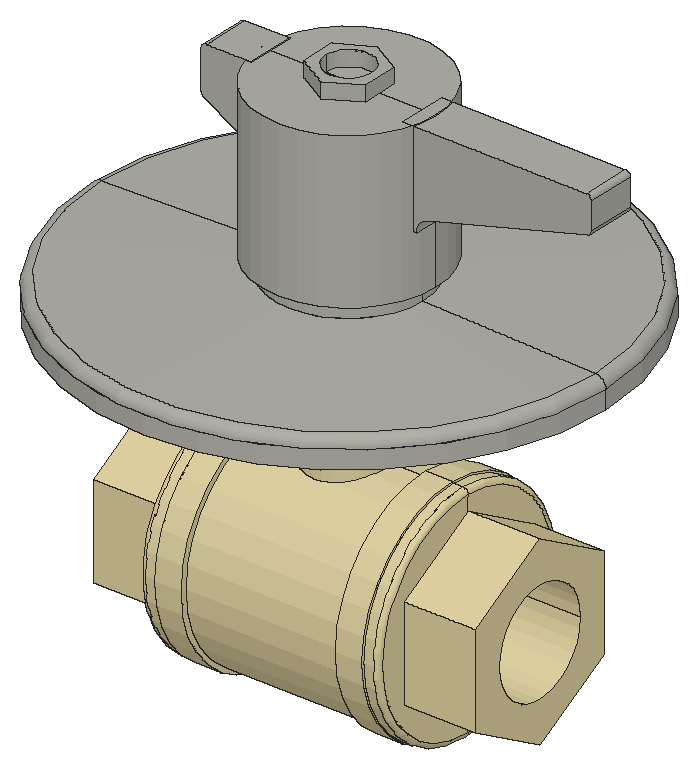
Revit family "QD20500000", category Apparecchi idraulici, Revit 2020
Family settings
  Quota connettore circolare = Usa diametro
  Tipo di parte = Normale
  Numero OmniClass = 23.45.00.00
  Titolo OmniClass = Sanitary, Laundry, and Cleaning Equipment
  Basato su piano di lavoro = No
  Sempre verticale = Sì
  Taglio con vuoti quando caricato = No
  Condiviso = No
  Punto di calcolo locali = No
Parameters
  URL = "https://web.cimberio.it/index.php/figura/264?subcategoria_id=43151"
  Temperatura di esercizio = "-20 ÷ 90°C"
  Prospetto di default = 0 mm
  Produttore = "CIMBERIO SPA"
  Pressione nominale = "PN 25"
  Modello = "Cim 27"
  Materiale = "Prodotto in lega di ottone conforme alla norma EN 12165-CW617N-DW"
  Descrizione = "Utilizzato nei più svariati settori dell'impiantistica: impianti di riscaldamento, condizionamento, idrici, igienico-sanitari, aria compressa e in generale con ogni fluido non corrosivo"
  DN Model [instance] = QD20501020 : QD20501020
  DN [instance] = 20 mm
  Commenti sul tipo = "Realizzato in ottemperanza ai requisiti gestionali della norma EN ISO 9001.\r\nCollaudato al 100% secondo la normativa EN 12266-1"
Reference planes
  plane 1 "Centro (Fronte/Retro)": y = 0
  plane 2: z = 0
  plane 3 "Centro (Sinistra/Destra)": x = 0
Dimensions and locks
  aligned and locked: level to plane 2
Nested families
  nested 1: "QD20501020" at (0, 0, 0), type <- "DN Model", type "QD20501020"
  nested 2: "QD20501020" at (0, 0, 0), type <- "DN Model", type "QD20501020"
  nested 3: "QD20501020" at (0, 0, 0), type <- "DN Model", type "QD20501020"
  nested 4: "QD20501020" at (0, 0, 0), type <- "DN Model", type "QD20501020"
  nested 5: "QD20501020" at (0, 0, 0), type <- "DN Model", type "QD20501020"
  nested 6: "QD20501020" at (0, 0, 0), type <- "DN Model", type "QD20501020"
  nested 7: "QD20501020" at (0, 0, 0), type <- "DN Model", type "QD20501020"
  nested 8: "QD20501020" at (0, 0, 0), type <- "DN Model", type "QD20501020"
  nested 9: "QD20501020" at (0, 0, 0), type <- "DN Model", type "QD20501020"
  nested 10: "QD20501020" at (0, 0, 0), type <- "DN Model", type "QD20501020"
  nested 11: "QD20501020" at (0, 0, 0), type <- "DN Model", type "QD20501020"
  nested 12: "QD20501020" at (0, 0, 0), type <- "DN Model", type "QD20501020"
Connectors
  piping at (-37.2, 0, 0), diameter 20, driven by "DN"
    settings: on nested 1, index 2, connector inside diameter 609.6 mm, connector length 0 mm, flow factor 0, pipe flow 0.0 L/s, pressure drop 0.0 Pa, fitting loss kfactor 0, connector angle 0.00°, fixture units 0, engagement length 0 mm, angle of deflection 0.00°, flow configuration 0, flow direction 0, fitting loss method 0, system type 7, joint type 0, gender type 0, connector reference index -1, connector utility 0, adjustable connector no, is connector primary yes, connector description ""
  piping at (37.2, 0, 0), diameter 20, driven by "DN"
    settings: on nested 1, index 3, connector inside diameter 609.6 mm, connector length 0 mm, flow factor 0, pipe flow 0.0 L/s, pressure drop 0.0 Pa, fitting loss kfactor 0, connector angle 0.00°, fixture units 0, engagement length 0 mm, angle of deflection 0.00°, flow configuration 0, flow direction 0, fitting loss method 0, system type 7, joint type 0, gender type 0, connector reference index -1, connector utility 0, adjustable connector no, is connector primary no, connector description ""
Definition of nested family "QD20501020"
  Parameters (values of type "QD20501020")
    Default Elevation = 0 mm
  Reference planes
    plane 1 "Centro (Fronte/Retro)": y = 0
    plane 2: z = 0
    plane 3 "Centro (Sinistra/Destra)": x = 0
  Forms (mm)
    Extrusion 1, solid
      sketch origin (0, 0, 0) x (0, 1, 0) y (0, 0, 1)
        loop
          circle (0, 0) r 10
        loop
          line (0, 18) -> (-15.588, 9) -> (-15.588, -9) -> (0, -18) -> (15.588, -9) -> (15.588, 9) -> (0, 18)
      from -37.2 to -23.2
    Revolve 2, solid
      sketch origin (0, 0, 0) x (1, 0, 0) y (0, 0, 1)
        loop
          arc (23.2, 20.75) -> (22.907, 21.457) -> (22.2, 21.75) r 1
          line (22.2, 21.75) -> (20.2, 21.75) -> (20.2, 10) -> (23.2, 10) -> (23.2, 20.75)
        axis (20.2, 0) -> (23.2, 0)
      angle from 0 to 360
    Revolve 3, solid
      sketch origin (0, 0, 9) x (1, 0, 0) y (0, 0, 1)
        loop
          line (-5, 36) -> (-14.95, 36) -> (-14.45, 35) -> (-10.5, 35)
          arc (-10.5, 35) -> (-9.086, 34.414) -> (-8.5, 33) r 2
          line (-8.5, 33) -> (-8.5, 8) -> (-5, 8) -> (-5, 36)
        axis (0, 36) -> (0, 8)
      angle from 0 to 360
    Revolve 4, solid
      sketch origin (0, 0, 0) x (1, 0, 0) y (0, 0, 1)
        loop
          line (-20.2, 10) -> (20.2, 10) -> (20.2, 22) -> (15, 22) -> (15, 21) -> (-15, 21) -> (-15, 22) -> (-20.2, 22) -> (-20.2, 10)
        axis (-20.2, 0) -> (20.2, 0)
      angle from 0 to 360
    Extrusion 5, solid
      sketch origin (0, 0, 0) x (0, 1, 0) y (0, 0, -1)
        loop
          circle (0, 0) r 10
        loop
          line (0, -18) -> (15.588, -9) -> (15.588, 9) -> (0, 18) -> (-15.588, 9) -> (-15.588, -9) -> (0, -18)
      from -37.2 to -23.2
    Revolve 6, solid
      sketch origin (0, 0, 0) x (-1, 0, 0) y (0, 0, 1)
        loop
          arc (23.2, 20.75) -> (22.907, 21.457) -> (22.2, 21.75) r 1
          line (22.2, 21.75) -> (20.2, 21.75) -> (20.2, 10) -> (23.2, 10) -> (23.2, 20.75)
        axis (20.2, 0) -> (23.2, 0)
      angle from 0 to 360
    Revolve 7, solid
      sketch origin (0, 0, 1.198) x (1, 0, 0) y (0, 0, 1)
        loop
          arc (-48.058, 49.358) -> (-49.435, 48.753) -> (-50, 47.359) r 2
          line (-50, 47.359) -> (-50, 43.802) -> (0, 43.802) -> (0, 83.602) -> (-17, 83.602) -> (-17, 53.602) -> (-14.5, 53.602) -> (-14.5, 50.332) -> (-48.058, 49.358)
        axis (0, 83.602) -> (0, 43.802)
      angle from 0 to 360
    Extrusion 8, solid
      sketch origin (0, 0, 5.8) x (1, 0, 0) y (0, 0, 1)
        loop
          arc (-24, 79) -> (-24.707, 78.707) -> (-25, 78) r 1
          line (-25, 78) -> (-25, 70.577)
          arc (-25, 70.577) -> (-24.866, 70.077) -> (-24.5, 69.711) r 1
          line (-24.5, 69.711) -> (-18.5, 66.247)
          arc (-18.5, 66.247) -> (-17.392, 65.132) -> (-17, 63.609) r 3
          line (-17, 63.609) -> (-15.29, 63.609) -> (-15.29, 79) -> (-24, 79)
      from -4.744 to 4.66
    Extrusion 9, solid
      sketch origin (0, 0, 5.8) x (1, 0, 0) y (0, 0, 1)
        loop
          line (14.258, 79) -> (14.258, 60.584) -> (17, 60.584)
          arc (17, 60.584) -> (17.619, 62.412) -> (19.224, 63.485) r 3
          line (19.224, 63.485) -> (50.259, 71.801)
          arc (50.259, 71.801) -> (50.793, 72.158) -> (51, 72.767) r 1
          line (51, 72.767) -> (51, 78)
          arc (51, 78) -> (50.707, 78.707) -> (50, 79) r 1
          line (50, 79) -> (14.258, 79)
      from -4.744 to 4.66
    Extrusion 10, solid
      sketch origin (0, 0, 5.8) x (1, 0, 0) y (0, 1, 0)
        loop
          line (-6, 3.464) -> (-6, -3.464) -> (0, -6.928) -> (6, -3.464) -> (6, 3.464) -> (0, 6.928) -> (-6, 3.464)
        loop
          circle (0, 0) r 4.5
      from 79 to 81.944
  Dimensions and locks
    aligned and locked: level to plane 2
